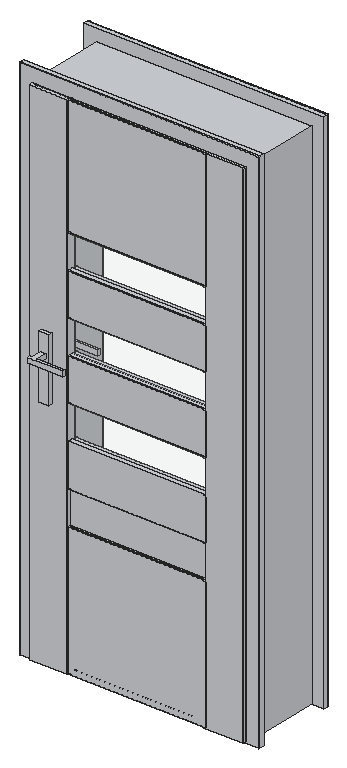
Revit family "porta_koncept_H3", category Drzwi, Revit 2016
Family settings
  Obiekt nadrzędny = Ściana
  Zawsze pionowo = Tak
  Tnij formami wycięć po wczytaniu = Nie
  Współdzielony = Nie
  Punkt obliczania pomieszczeń = Nie
Parameters (values of type "PN 80")
  Wysokość brutto = 2060 mm
  Szerokość brutto = 880 mm
  Model = "Koncept"
  Konstrukcja analityczna = "<Brak>"
  Funkcja = Wewnętrzna
  URL = "www.porta.com.pl"
  Ss = 844 mm
  Sb = 846 mm
  Producent = "PORTA KMI POLAND"
  Keynote = ""
  Description = ""
  Wysokość = 2016 mm
  Zakończenie ściany = Wg obiektu nadrzędnego
  Szerokość = 800 mm
  Materiał_skrzydło [instance] = none
  Materiał_ościeżnica [instance] = none
  Materiał_klamka [instance] = none
  Informacja = "Własność Porta KMI Poland, wszelkie prawa zastrzeżone."  # constant formula
  Hs = 2030 mm
Types (6, lengths in mm): name | Szerokość brutto | Model | Ss | Sb | Description | Szerokość
  PN 70 | 780 | 0 | 744 | 746 | "Biblioteki CAD produktów firmy PORTA KMI POLAND wraz z ich wizualizacjami są chronione prawami własności przemysłowej i intelektualnej. Można je wykorzystywać do handlowych celów osobistych poprzez zastosowanie w projektach, jednak nie wolno ich powielać, modyfikować, licencjonować ani publikować, w całości ani w części, chyba że celem przeglądania, bez uprzedniej pisemnej zgody PORTA KMI Poland. www.porta.com.pl" | 700
  PN 60 | 680 | 0 | 644 | 646 | "Biblioteki CAD produktów firmy PORTA KMI POLAND wraz z ich wizualizacjami są chronione prawami własności przemysłowej i intelektualnej. Można je wykorzystywać do handlowych celów osobistych poprzez zastosowanie w projektach, jednak nie wolno ich powielać, modyfikować, licencjonować ani publikować, w całości ani w części, chyba że celem przeglądania, bez uprzedniej pisemnej zgody PORTA KMI Poland. www.porta.com.pl" | 600
  PN 80 | 880 | "Koncept" | 844 | 846 | "" | 800
  PN 90 | 980 | 0 | 944 | 946 | "Biblioteki CAD produktów firmy PORTA KMI POLAND wraz z ich wizualizacjami są chronione prawami własności przemysłowej i intelektualnej. Można je wykorzystywać do handlowych celów osobistych poprzez zastosowanie w projektach, jednak nie wolno ich powielać, modyfikować, licencjonować ani publikować, w całości ani w części, chyba że celem przeglądania, bez uprzedniej pisemnej zgody PORTA KMI Poland. www.porta.com.pl" | 900
  PN 100 | 1080 | 0 | 1044 | 1046 | "Biblioteki CAD produktów firmy PORTA KMI POLAND wraz z ich wizualizacjami są chronione prawami własności przemysłowej i intelektualnej. Można je wykorzystywać do handlowych celów osobistych poprzez zastosowanie w projektach, jednak nie wolno ich powielać, modyfikować, licencjonować ani publikować, w całości ani w części, chyba że celem przeglądania, bez uprzedniej pisemnej zgody PORTA KMI Poland. www.porta.com.pl" | 1000
  PN 110 | 1180 | 0 | 1144 | 1146 | "Biblioteki CAD produktów firmy PORTA KMI POLAND wraz z ich wizualizacjami są chronione prawami własności przemysłowej i intelektualnej. Można je wykorzystywać do handlowych celów osobistych poprzez zastosowanie w projektach, jednak nie wolno ich powielać, modyfikować, licencjonować ani publikować, w całości ani w części, chyba że celem przeglądania, bez uprzedniej pisemnej zgody PORTA KMI Poland. www.porta.com.pl" | 1100
Reference planes
  plane 1: y = 0
  plane 2 "Środek (Lewa/Prawa)": x = 0
  plane 3 "Lewy": x = -440
  plane 4 "Prawy": x = 440
  plane 5: z = 2060
  plane 6 "Zewnętrzna": y = 150
  plane 7 "Wewnętrzna": y = -150
  plane 8 "skrzydło": y = -144.5
Forms (mm)
  Sweep 1, solid, material <- "Materiał_ościeżnica"
    path in 3D
      loop
        line (-440, -150, 0) -> (-440, -150, 2060) -> (440, -150, 2060) -> (440, -150, 0)
    profile origin (-440, -150, 1030) x (0, -1, 0) y (1, 0, 0)
      loop
        line (-10, 39) -> (-72, 39) -> (-72, 17) -> (0, 17) -> (0, -33) -> (16, -33)
        arc (16, -33) -> (18.121, -32.121) -> (19, -30) r 3
        line (19, -30) -> (19, 24)
        arc (19, 24) -> (18.121, 26.121) -> (16, 27) r 3
        line (16, 27) -> (-10, 27) -> (-10, 39)
  Sweep 2, solid, material <- "Materiał_ościeżnica"
    path in 3D
      loop
        line (440, 150, 0) -> (440, 150, 2060) -> (-440, 150, 2060) -> (-440, 150, 0)
    profile origin (-440, 150, 1030) x (1, 0, 0) y (0, 1, 0)
      loop
        line (-33, 0) -> (17, 0) -> (17, -228) -> (39, -228) -> (39, -1)
        arc (39, -1) -> (37.536, 2.536) -> (34, 4) r 5
        line (34, 4) -> (25, 4) -> (25, 16)
        arc (25, 16) -> (24.121, 18.121) -> (22, 19) r 3
        line (22, 19) -> (-30, 19)
        arc (-30, 19) -> (-32.121, 18.121) -> (-33, 16) r 3
        line (-33, 16) -> (-33, 0)
  Sweep 3, solid, not visible
    path in 3D
      loop
        line (-440, -150, 0) -> (-440, -150, 2060)
    profile origin (-440, -150, 1030) x (0, -1, 0) y (1, 0, 0)
      loop
        line (-151, 17) -> (-149, 17) -> (-149, 19) -> (-151, 19) -> (-151, 17)
Cuts and joins
  joined: Sweep 1, Sweep 2
Lines and regions (mm)
  Opening 1
    outline origin (-3050, -150, 0) x (1, 0, 0) y (0, 0, 1)
      loop
        line (2610, 0) -> (3490, 0) -> (3490, 2060) -> (2610, 2060) -> (2610, 0)
  sketch lines
    curve 1: line (-440, -150, 0) -> (-440, -150, 2060)
    curve 2: line (-440, -150, 2060) -> (440, -150, 2060)
    curve 3: line (440, -150, 2060) -> (440, -150, 0)
    curve 4: line (-440, 150, 2060) -> (-440, 150, 0)
    curve 5: line (440, 150, 2060) -> (-440, 150, 2060)
    curve 6: line (440, 150, 0) -> (440, 150, 2060)
    curve 12: line (-440, -150, 0) -> (-440, -150, 2060)
  symbolic lines, style "DoorsPanelProjection"
    curve 7: line (422, -150, 0) -> (422, -994, 0)
    curve 8: line (422, -994, 0) -> (382, -994, 0)
    curve 9: line (382, -994, 0) -> (382, -150, 0)
    curve 10: line (382, -150, 0) -> (422, -150, 0)
  symbolic lines, style "Ugięcie rzutu"
    curve 11: arc (-422, -150, 0) -> (-174.798, -746.798, 0) -> (422, -994, 0) r 844
Text (mm)
  text "Zewnętrzna" at (-2295.016, 1099.543, 0), in view "Poziom odniesienia"
  text "Zewnętrzna" at (0, 1615.38, 3698.081), in view "Lewy"
  text "Zewnętrzna" at (0, 1036.032, 3874.932), in view "Prawy"
Dimensions and locks
  equal spacing: plane 3 "Lewy", plane 2 "Środek (Lewa/Prawa)", plane 4 "Prawy"
  "Szerokość brutto": plane 3 "Lewy" to plane 4 "Prawy"
  "Wysokość brutto": plane 5 to host wall
  host wall to plane 5 = 2060 mm  (x2)
  locked: plane 6 "Zewnętrzna" to host wall at 0
  locked: plane 7 "Wewnętrzna" to host wall
  "Sb": Sweep 1 to Sweep 1
  locked: Sweep 1 sketch curve to Sweep 1 sketch curve at 22
  Sweep 1 sketch curve to Sweep 1 sketch curve = 50 mm
  locked: Sweep 1 sketch curve to profile plane at 72
  locked: Sweep 2 sketch curve to Sweep 2 sketch curve at 50
  locked: Sweep 2 sketch curve to Sweep 2 sketch curve at 22
  locked: Sweep 2 sketch curve to plane 6 "Zewnętrzna" at 1
  locked: curve 9 to curve 7 at 40
  "Ss": curve 8 to curve 10
  equal spacing: curve 11, plane 2 "Środek (Lewa/Prawa)", curve 7
  locked: plane 7 "Wewnętrzna" to plane 8 "skrzydło" at 5.5
  locked: host wall to Sweep 3 sketch curve at 1
  locked: Sweep 3 sketch curve to host wall at 1
  locked: Sweep 3 sketch curve to plane 6 "Zewnętrzna" at 151
  locked: plane 7 "Wewnętrzna" to Sweep 3 sketch curve at 151
  equal spacing: nested 1, plane 2 "Środek (Lewa/Prawa)", nested 1
  locked: nested 1 to level at 8
  aligned and locked: plane 3 "Lewy" to Opening 1 sketch curve
  aligned and locked: plane 5 to Opening 1 sketch curve  (x2)
  aligned and locked: Opening 1 sketch curve to plane 4 "Prawy"
  aligned and locked: Opening 1 sketch curve to level
  aligned and locked: plane 1 to host wall
  aligned and locked: Sweep 1 to Sweep 2 sketch curve
  aligned and locked: plane 7 "Wewnętrzna" to curve 10
  aligned and locked: Sweep 3 sketch curve to cut or joined group of Sweep 1, Sweep 2
  aligned and locked: Sweep 2 sketch curve to cut or joined group of Sweep 1, Sweep 2
  aligned and locked: nested 1 to plane 8 "skrzydło"
Automatic sketch dimensions
  profile plane to Sweep 1 sketch curve = 10 mm
  Sweep 1 sketch curve to profile plane = 16 mm  (x2)
  Sweep 1 sketch curve to Sweep 1 sketch curve = 3 mm
  profile plane to Sweep 1 sketch curve = 17 mm
  Sweep 1 sketch curve to Sweep 1 sketch curve = 7 mm
  Sweep 1 sketch curve to profile plane = 0 mm
  Sweep 2 sketch curve to profile plane = 0 mm
  Sweep 2 sketch curve to profile plane = 16 mm
  Sweep 2 sketch curve to Sweep 2 sketch curve = 3 mm
  Sweep 2 sketch curve to Sweep 2 sketch curve = 5 mm
  Sweep 2 sketch curve to profile plane = 4 mm
  Sweep 2 sketch curve to Sweep 2 sketch curve = 8 mm
  curve 11 to host wall = 0 mm
  Sweep 3 sketch curve to Sweep 3 sketch curve = 2 mm
Nested families
  nested 1: "skrzydło" at (0, -151, 0), Materiał_klamka <- "Materiał_klamka", Materiał_skrzydło <- "Materiał_skrzydło", type "skrzydło"
    with Materiał_skrzydło none, Materiał_klamka none
Definition of nested family "skrzydło"
  Parameters
    Ss = 844 mm
    Materiał_skrzydło [instance] = none
    Materiał_klamka [instance] = none
    Hs = 2030 mm
  Reference planes
    plane 1 "Tył": y = 6.5
    plane 2: z = 0
    plane 3 "Środek (Lewa/Prawa)": x = 0
    plane 4 "Lewa": x = -422
    plane 5 "Prawa": x = 422
    plane 6 "Przód": y = -33.5
    plane 7: z = 2038
    plane 8 "Centrum": y = -13.5
    plane 9: x = -409
    plane 10: z = 8
    plane 11: x = 409
    plane 12: x = -272
    plane 13: x = 272
    plane 14: z = 2025
  Forms (mm)
    Extrusion 1, solid, material <- "Materiał_skrzydło"
      sketch origin (-1191.728, -1524, 8) x (-1, 0, 0) y (0, -1, 0)
        loop
          line (-1465.378, -1490.5) -> (-1612.078, -1490.5)
          arc (-1612.078, -1490.5) -> (-1613.244, -1490.983) -> (-1613.728, -1492.15) r 1.65
          line (-1613.728, -1492.15) -> (-1613.728, -1501.85)
          arc (-1613.728, -1501.85) -> (-1613.244, -1503.017) -> (-1612.078, -1503.5) r 1.65
          line (-1612.078, -1503.5) -> (-1602.078, -1503.5)
          arc (-1602.078, -1503.5) -> (-1601.123, -1503.895) -> (-1600.728, -1504.85) r 1.35
          line (-1600.728, -1504.85) -> (-1600.728, -1528.85)
          arc (-1600.728, -1528.85) -> (-1600.244, -1530.017) -> (-1599.078, -1530.5) r 1.65
          line (-1599.078, -1530.5) -> (-1465.378, -1530.5)
          arc (-1465.378, -1530.5) -> (-1464.211, -1530.017) -> (-1463.728, -1528.85) r 1.65
          line (-1463.728, -1528.85) -> (-1463.728, -1492.15)
          arc (-1463.728, -1492.15) -> (-1464.211, -1490.983) -> (-1465.378, -1490.5) r 1.65
      from 0 to 2030
    Extrusion 2, void
      sketch origin (0, 0, 0) x (0, -1, 0) y (0, 0, 1)
        loop
          line (-6.5, 2025) -> (20.5, 2025) -> (20.5, 2038) -> (-6.5, 2038) -> (-6.5, 2025)
      from -422 to 422
    Extrusion 3, solid, material <- "Materiał_skrzydło"
      sketch origin (0, 0, 0) x (0, 1, 0) y (0, 0, 1)
        loop
          line (4, 1568.15) -> (4, 2023.35)
          arc (4, 2023.35) -> (3.517, 2024.517) -> (2.35, 2025) r 1.65
          line (2.35, 2025) -> (-19.15, 2025)
          arc (-19.15, 2025) -> (-20.105, 2025.395) -> (-20.5, 2026.35) r 1.35
          line (-20.5, 2026.35) -> (-20.5, 2036.35)
          arc (-20.5, 2036.35) -> (-20.983, 2037.517) -> (-22.15, 2038) r 1.65
          line (-22.15, 2038) -> (-29.35, 2038)
          arc (-29.35, 2038) -> (-30.517, 2037.517) -> (-31, 2036.35) r 1.65
          line (-31, 2036.35) -> (-31, 1568.15)
          arc (-31, 1568.15) -> (-30.517, 1566.983) -> (-29.35, 1566.5) r 1.65
          line (-29.35, 1566.5) -> (2.35, 1566.5)
          arc (2.35, 1566.5) -> (3.517, 1566.983) -> (4, 1568.15) r 1.65
        loop
          line (2.35, 529.5) -> (-29.35, 529.5)
          arc (-29.35, 529.5) -> (-30.517, 529.017) -> (-31, 527.85) r 1.65
          line (-31, 527.85) -> (-31, 9.65)
          arc (-31, 9.65) -> (-30.517, 8.483) -> (-29.35, 8) r 1.65
          line (-29.35, 8) -> (-25, 8)
          arc (-25, 8) -> (-23.833, 8.483) -> (-23.35, 9.65) r 1.65
          arc (-23.35, 9.65) -> (-22.955, 10.605) -> (-22, 11) r 1.35
          line (-22, 11) -> (-5, 11)
          arc (-5, 11) -> (-4.045, 10.605) -> (-3.65, 9.65) r 1.35
          arc (-3.65, 9.65) -> (-3.167, 8.483) -> (-2, 8) r 1.65
          line (-2, 8) -> (2.35, 8)
          arc (2.35, 8) -> (3.517, 8.483) -> (4, 9.65) r 1.65
          line (4, 9.65) -> (4, 527.85)
          arc (4, 527.85) -> (3.517, 529.017) -> (2.35, 529.5) r 1.65
        loop
          line (2.35, 831.25) -> (-29.35, 831.25)
          arc (-29.35, 831.25) -> (-30.517, 830.767) -> (-31, 829.6) r 1.65
          line (-31, 829.6) -> (-31, 662.9)
          arc (-31, 662.9) -> (-30.517, 661.733) -> (-29.35, 661.25) r 1.65
          line (-29.35, 661.25) -> (2.35, 661.25)
          arc (2.35, 661.25) -> (3.517, 661.733) -> (4, 662.9) r 1.65
          line (4, 662.9) -> (4, 829.6)
          arc (4, 829.6) -> (3.517, 830.767) -> (2.35, 831.25) r 1.65
        loop
          line (2.35, 1133) -> (-29.35, 1133)
          arc (-29.35, 1133) -> (-30.517, 1132.517) -> (-31, 1131.35) r 1.65
          line (-31, 1131.35) -> (-31, 964.65)
          arc (-31, 964.65) -> (-30.517, 963.483) -> (-29.35, 963) r 1.65
          line (-29.35, 963) -> (2.35, 963)
          arc (2.35, 963) -> (3.517, 963.483) -> (4, 964.65) r 1.65
          line (4, 964.65) -> (4, 1131.35)
          arc (4, 1131.35) -> (3.517, 1132.517) -> (2.35, 1133) r 1.65
        loop
          line (2.35, 1434.75) -> (-29.35, 1434.75)
          arc (-29.35, 1434.75) -> (-30.517, 1434.267) -> (-31, 1433.1) r 1.65
          line (-31, 1433.1) -> (-31, 1266.4)
          arc (-31, 1266.4) -> (-30.517, 1265.233) -> (-29.35, 1264.75) r 1.65
          line (-29.35, 1264.75) -> (2.35, 1264.75)
          arc (2.35, 1264.75) -> (3.517, 1265.233) -> (4, 1266.4) r 1.65
          line (4, 1266.4) -> (4, 1433.1)
          arc (4, 1433.1) -> (3.517, 1434.267) -> (2.35, 1434.75) r 1.65
      from -272 to 272
    Extrusion 4, solid
      sketch origin (-892.016, -13.5, 1200) x (-1, 0, 0) y (0, 0, 1)
        loop
          line (-620.016, 366.5) -> (-1164.016, 366.5) -> (-1164.016, 234.75) -> (-620.016, 234.75) -> (-620.016, 366.5)
      from -2 to 2
    Extrusion 5, solid
      sketch origin (-892.016, -13.5, 1200) x (-1, 0, 0) y (0, 0, 1)
        loop
          line (-620.016, -67) -> (-620.016, 64.75) -> (-1164.016, 64.75) -> (-1164.016, -67) -> (-620.016, -67)
      from -2 to 2
    Extrusion 6, solid
      sketch origin (-892.016, -13.5, 1200) x (-1, 0, 0) y (0, 0, 1)
        loop
          line (-620.016, -237) -> (-1164.016, -237) -> (-1164.016, -368.75) -> (-620.016, -368.75) -> (-620.016, -237)
      from -2 to 2
    Extrusion 7, solid, material <- "Materiał_skrzydło"
      sketch origin (-892.016, -13.5, 1200) x (-1, 0, 0) y (0, 0, 1)
        loop
          line (-620.016, -538.75) -> (-1164.016, -538.75) -> (-1164.016, -670.5) -> (-620.016, -670.5) -> (-620.016, -538.75)
      from -6 to 6
    Extrusion 8, solid, material <- "Materiał_skrzydło"
      sketch origin (-1191.728, -1524, 8) x (-1, 0, 0) y (0, -1, 0)
        loop
          arc (-918.078, -1490.5) -> (-919.244, -1490.983) -> (-919.728, -1492.15) r 1.65
          line (-919.728, -1492.15) -> (-919.728, -1528.85)
          arc (-919.728, -1528.85) -> (-919.244, -1530.017) -> (-918.078, -1530.5) r 1.65
          line (-918.078, -1530.5) -> (-784.378, -1530.5)
          arc (-784.378, -1530.5) -> (-783.211, -1530.017) -> (-782.728, -1528.85) r 1.65
          line (-782.728, -1528.85) -> (-782.728, -1504.85)
          arc (-782.728, -1504.85) -> (-782.332, -1503.895) -> (-781.378, -1503.5) r 1.35
          line (-781.378, -1503.5) -> (-771.378, -1503.5)
          arc (-771.378, -1503.5) -> (-770.211, -1503.017) -> (-769.728, -1501.85) r 1.65
          line (-769.728, -1501.85) -> (-769.728, -1492.15)
          arc (-769.728, -1492.15) -> (-770.211, -1490.983) -> (-771.378, -1490.5) r 1.65
          line (-771.378, -1490.5) -> (-918.078, -1490.5)
      from 0 to 2030
  Cuts and joins
    Extrusion 2 cuts Extrusion 1
    Extrusion 2 cuts Extrusion 8
  Dimensions and locks
    equal spacing: plane 4 "Lewa", plane 3 "Środek (Lewa/Prawa)", plane 5 "Prawa"
    "Ss": plane 4 "Lewa" to plane 5 "Prawa"
    locked: plane 4 "Lewa" to plane 9 at 13
    locked: plane 10 to level at 8
    "Hs": plane 7 to plane 10
    locked: plane 5 "Prawa" to plane 11 at 13
    locked: plane 9 to nested 1 at 35
    locked: nested 1 to plane 10 at 934
    locked: plane 10 to nested 2 at 934
    equal spacing: plane 6 "Przód", plane 8 "Centrum", plane 1 "Tył"
    locked: plane 7 to plane 14 at 13
    locked: plane 12 to plane 4 "Lewa" at 150
    locked: plane 5 "Prawa" to plane 13 at 150
    locked: plane 1 "Tył" to Extrusion 2 sketch curve at 27
    aligned and locked: nested 1 to plane 6 "Przód"
    aligned and locked: plane 5 "Prawa" to Extrusion 1 sketch curve
    aligned and locked: Extrusion 1 sketch curve to plane 11
    aligned and locked: Extrusion 1 sketch curve to plane 1 "Tył"
    aligned and locked: Extrusion 1 sketch curve to plane 6 "Przód"
    aligned and locked: Extrusion 1 sketch curve to plane 13
    aligned and locked: plane 7 to Extrusion 1
    aligned and locked: Extrusion 2 sketch curve to plane 14
    aligned and locked: Extrusion 2 sketch curve to plane 1 "Tył"
    aligned and locked: plane 7 to Extrusion 2 sketch curve
    aligned and locked: Extrusion 2 to plane 4 "Lewa"
    aligned and locked: plane 5 "Prawa" to Extrusion 2
    aligned and locked: Extrusion 3 to plane 12
    aligned and locked: plane 13 to Extrusion 3
    aligned and locked: plane 12 to Extrusion 4 sketch curve
    aligned and locked: plane 13 to Extrusion 4 sketch curve
    aligned and locked: Extrusion 3 to Extrusion 5 sketch curve  (x2)
    aligned and locked: plane 12 to Extrusion 6 sketch curve
    aligned and locked: plane 13 to Extrusion 6 sketch curve
    aligned and locked: plane 12 to Extrusion 7 sketch curve
    aligned and locked: plane 13 to Extrusion 7 sketch curve
    aligned and locked: plane 4 "Lewa" to Extrusion 8 sketch curve
    aligned and locked: Extrusion 8 sketch curve to plane 12
    aligned and locked: plane 7 to Extrusion 8
    aligned and locked: nested 2 to nested 1
  Automatic sketch dimensions
    Extrusion 1 sketch curve to Extrusion 1 sketch curve = 1.65 mm  (x4)
    Extrusion 1 sketch curve to Extrusion 1 sketch curve = 1.35 mm
    Extrusion 1 sketch curve to Extrusion 1 sketch curve = 10 mm
    plane 1 "Tył" to Extrusion 1 sketch curve = 25.65 mm
    Extrusion 3 sketch curve to plane 7 = 0 mm
    Extrusion 3 sketch curve to plane 10 = 0 mm  (x2)
    Extrusion 3 sketch curve to plane 14 = 0 mm
    plane 6 "Przód" to Extrusion 3 sketch curve = 2.5 mm  (x5)
    plane 10 to Extrusion 3 sketch curve = 1.65 mm  (x3)
    Extrusion 3 sketch curve to Extrusion 3 sketch curve = 1.65 mm  (x15)
    Extrusion 3 sketch curve to Extrusion 3 sketch curve = 4.35 mm
    Extrusion 3 sketch curve to Extrusion 3 sketch curve = 0 mm  (x2)
    Extrusion 3 sketch curve to Extrusion 3 sketch curve = 7.2 mm
    Extrusion 3 sketch curve to Extrusion 3 sketch curve = 1.35 mm  (x2)
    plane 8 "Centrum" to Extrusion 3 sketch curve = 8.5 mm
    plane 1 "Tył" to Extrusion 3 sketch curve = 4.15 mm  (x9)
    Extrusion 3 sketch curve to plane 14 = 1.65 mm
    Extrusion 3 sketch curve to Extrusion 3 sketch curve = 516.85 mm
    Extrusion 3 sketch curve to Extrusion 3 sketch curve = 131.75 mm  (x4)
    Extrusion 3 sketch curve to Extrusion 3 sketch curve = 166.7 mm  (x3)
    Extrusion 4 sketch curve to Extrusion 4 sketch curve = 131.75 mm
    Extrusion 4 sketch curve to plane 7 = 471.5 mm
    Extrusion 5 sketch curve to plane 7 = 773.25 mm
    Extrusion 5 sketch curve to Extrusion 5 sketch curve = 131.75 mm
    plane 10 to Extrusion 6 sketch curve = 823.25 mm
    Extrusion 6 sketch curve to Extrusion 6 sketch curve = 131.75 mm
    plane 10 to Extrusion 7 sketch curve = 521.5 mm
    Extrusion 7 sketch curve to Extrusion 7 sketch curve = 131.75 mm
    Extrusion 8 sketch curve to Extrusion 8 sketch curve = 1.65 mm  (x4)
    Extrusion 8 sketch curve to Extrusion 8 sketch curve = 1.35 mm
    Extrusion 8 sketch curve to Extrusion 8 sketch curve = 10 mm
    Extrusion 8 sketch curve to Extrusion 8 sketch curve = 0 mm
    plane 6 "Przód" to Extrusion 8 sketch curve = 40 mm
    Extrusion 8 sketch curve to Extrusion 8 sketch curve = 24 mm
    Extrusion 8 sketch curve to Extrusion 8 sketch curve = 9.7 mm
  Nested families
    nested 1: "KLAMKA" at (-354, -33.5, 1067), Materiał klamki <- "Materiał_klamka", type "KLAMKA"
      with Materiał klamki none
    nested 2: "KLAMKA" at (-354, 6.5, 1067), Materiał klamki <- "Materiał_klamka", type "KLAMKA"
      with Materiał klamki none
  Definition of nested family "KLAMKA"
    Parameters
      Materiał klamki [instance] = none
      Assembly Code = ""
      Default Elevation = 1219.2 mm
    Reference planes
      plane 1 "Center (Front/Back)": y = 0
      plane 2: z = 0
      plane 3 "Center (Left/Right)": x = 0
      plane 4: z = 125
      plane 5: z = -125
      plane 6: x = 20
      plane 7: x = -20
      plane 8: y = -70
      plane 9: y = -60
      plane 10: x = 10
      plane 11: x = -10
      plane 12: x = 120
      plane 13: z = 35
      plane 14: z = 55
      plane 15: y = -15
    Forms (mm)
      Extrusion 1, solid, material <- "Materiał klamki"
        sketch origin (0, 0, 0) x (1, 0, 0) y (0, 0, 1)
          loop
            line (-20, 125) -> (-20, -125) -> (20, -125) -> (20, 125) -> (-20, 125)
        from 0 to 15
      Extrusion 2, solid, material <- "Materiał klamki"
        sketch origin (0, 0, 0) x (1, 0, 0) y (0, 1, 0)
          loop
            line (-10, -15) -> (-10, -60) -> (-20, -60) -> (-20, -70) -> (120, -70) -> (120, -60) -> (10, -60) -> (10, -15) -> (-10, -15)
        from 35 to 55
    Dimensions and locks
      equal spacing: plane 4, plane 2, plane 5
      plane 4 to plane 5 = 250 mm
      equal spacing: plane 7, plane 3 "Center (Left/Right)", plane 6
      plane 7 to plane 6 = 40 mm
      plane 8 to plane 1 "Center (Front/Back)" = 70 mm
      plane 11 to plane 3 "Center (Left/Right)" to plane 10 = 10 mm locked, 10 mm locked
      plane 7 to plane 12 = 140 mm
      plane 15 to plane 1 "Center (Front/Back)" = 15 mm
      aligned and locked: plane 7 to Extrusion 1 sketch curve
      aligned and locked: Extrusion 1 sketch curve to plane 4
      aligned and locked: plane 5 to Extrusion 1 sketch curve
      aligned and locked: Extrusion 1 sketch curve to plane 6
      aligned and locked: plane 15 to Extrusion 1
      aligned and locked: Extrusion 1 to plane 1 "Center (Front/Back)"
      aligned and locked: plane 14 to Extrusion 2
      aligned and locked: Extrusion 2 to plane 13
    Automatic sketch dimensions
      Extrusion 2 sketch curve to plane 7 = 0 mm
      Extrusion 2 sketch curve to plane 9 = 0 mm  (x2)
      Extrusion 2 sketch curve to plane 11 = 0 mm
      Extrusion 2 sketch curve to plane 10 = 0 mm
      Extrusion 2 sketch curve to plane 12 = 0 mm
      Extrusion 2 sketch curve to plane 8 = 0 mm
      Extrusion 2 sketch curve to plane 15 = 0 mm
